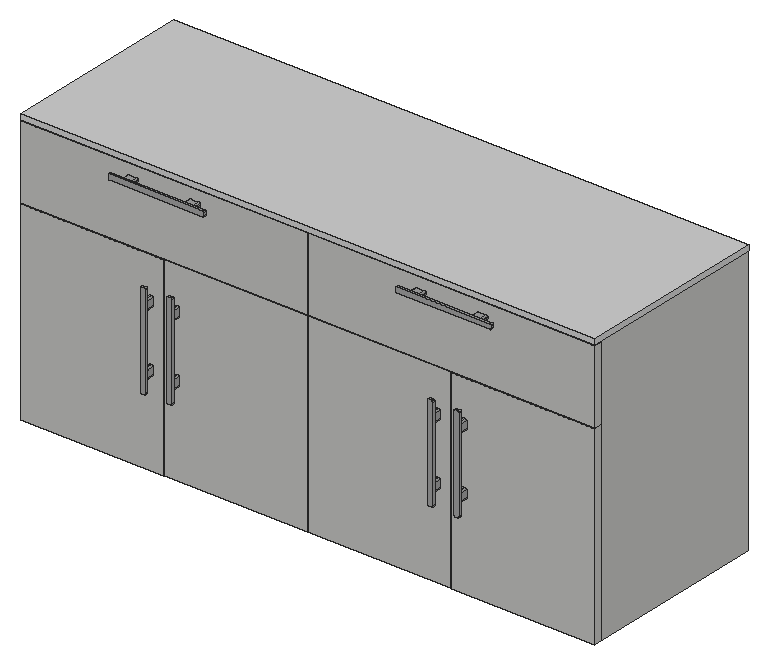
Revit family "Storage-Teknion-CWSD_Credenza_Drawer_and_Closed_Cabinet-R2020", category Furniture, Revit 2020
Family settings
  OmniClass Number = 23.40.20.00
  OmniClass Title = General Furniture and Specialties
  Work Plane-Based = No
  Always vertical = Yes
  Cut with Voids When Loaded = No
  Shared = Yes
  Room Calculation Point = No
Parameters (values of type "Has Grey Solid Surface Top")
  Width [instance] = 60.000"
  Warranty = "http://www.teknion.com/ca/papers/legal-canada"
  Unit Weight URL = "http://www.teknion.com/ca/tools/assets#&asset=bee6a381-b954-425e-8283-5a2de3a804f2,f828d448-4b62-4231-9e5f-9a8991c0ed77"
  URL = "www.teknion.com"
  Triple Bay [instance] = Width > 89.000"  # no
  Top Finish Note = "Choose either a Silver Grey or Elegant Grey Finish below"
  Top Finish = Wood - Teknion - MH - Silver Grey
  To render, please download texture images found here [instance] = "https://assets.teknion.com/web/5e81352c1dfdb467/revit-material-swatches/"
  Sustainability Data = "https://www.teknion.com/ca/tools/assets#&topic=216f99a5-57a0-44fc-b10a-9dee9b29ae4c&asset=444deb64-fe58-4b68-981e-f75e97781df7,b4ff2d81-9f2e-437d-9659-7cffb09c31cf"
  Solid Top Visibility = yes
  Series = "Custom Wood"
  Pull Finish = Paint - Teknion - Mica - Graphite
  Product Page URL = "https://www.teknion.com/ca/products/product-details?productLineId=f681026f-8e7a-673b-a6c8-ff05004460c4"
  Product Line = "C+D"
  Product Documentation Link = "https://assets.teknion.com/m/4a760d230ea90aca/original/C-D-Conference-Table-Sell-Sheet.pdf"
  Part Number = "CWSD"
  Model = "CWSD____"
  Manufacturer Phone = "416-661-3370"  # constant formula
  Manufacturer Fax = "416.661.4586"  # constant formula
  Manufacturer Contact Information = "http://www.teknion.com/ca/contactus"
  Manufacturer Address = "1150 Flint Road, Toronto, ON. M3J 2J5. Canada"  # constant formula
  Manufacturer = "Teknion"  # constant formula
  How To Use Teknion Materials User Guide [instance] = "https://assets.teknion.com/m/205dd0a49fa58060/original/How-to-add-a-Material-Library-and-Texture-Images-to-your-Revit-project.pdf"
  Height [instance] = 29.000"
  Glass Top Visibility = no
  For Additional Finishes, please visit [instance] = "https://assets.teknion.com/m/44a8009b046e5d47/original/Teknion_Materials_Library.zip"
  Double Bay [instance] = Width < 89.000"  # yes
  Description = "Custom Wood Credenza, 1/2\" Top, Drawer and Closed Cabinet, Has Grey Solid Surface Top"
  Depth [instance] = 20.000"
  Default Elevation = 0.000"
  Case, Back & Front Finish = Laminate - Teknion - RV - Very White
  Available Widths [instance] = "60, 72, 90, and 108 Inches"  # constant formula
  Available Heights [instance] = "29, 36 inches."  # constant formula
  Available Depths [instance] = "20, 24 inches."  # constant formula
  Assembly Code = "E2020200"
  Actual Height [instance] = if(Height = 29.000", 29.075", 35.834")  # 29.075"
Reference planes (in)
  plane 1 "Center Front/Back": y = 0
  plane 2: z = 0
  plane 3 "Center Left/Right": x = 0
  plane 4 "Left": x = -30
  plane 5 "Right": x = 30
  plane 6 "Back": y = 10
  plane 7 "Front": y = -10
  plane 8 "Top": z = 29.075
  plane 9 "Bottom of Cabinet": z = 0.5
  plane 10 "Bottom of Top Surface": z = 28.535
  plane 11 "Top of Drawers": z = 20.701
  plane 12: x = -10
  plane 13: x = 10
  plane 14: x = -15
  plane 15: x = 15
  plane 16: x = -20
  plane 17: x = 20
  plane 18: y = 7.27953
  plane 19: y = -9.19685
  plane 20: z = 28.915
Forms (in)
  Sweep 1, solid, material "Wood - Teknion - MH - Silver Grey" <- "Top Finish", visible <- "Solid Top Visibility"
    path origin (0, 0, 0) x (1, 0, 0) y (0, 0, 1)
      loop
        line (0, 28.535) -> (0, 29.075)
    profile origin (0, 0, 28.805) x (-1, 0, 0) y (0, -1, 0)
      loop
        line (30, -10) -> (30, 10) -> (-30, 10) -> (-30, -10) -> (30, -10)
  Sweep 2, solid, material "Laminate - Teknion - RV - Very White" <- "Case, Back & Front Finish"
    path origin (0, 0, 0) x (1, 0, 0) y (0, 0, 1)
      loop
        line (0, 0.5) -> (0, 28.535)
    profile origin (0, 0, 14.5175) x (-1, 0, 0) y (0, -1, 0)
      loop
        line (30, -10) -> (30, 9.19685) -> (29.27559, 9.19685) -> (29.27559, -10) -> (30, -10)
      loop
        line (-30, -10) -> (-29.27559, -10) -> (-29.27559, 9.19685) -> (-30, 9.19685) -> (-30, -10)
  Sweep 3, solid, material "Laminate - Teknion - RV - Very White" <- "Case, Back & Front Finish", visible <- "Double Bay"
    path origin (0, 0, 0) x (1, 0, 0) y (0, 1, 0)
      loop
        line (0, -10) -> (0, -9.27559)
    profile origin (0, -9.6378, 0) x (-1, 0, 0) y (0, 0, 1)
      loop
        line (30, 20.701) -> (15.03937, 20.701) -> (15.03937, 0.5) -> (30, 0.5) -> (30, 20.701)
      loop
        line (0, 0.5) -> (14.96063, 0.5) -> (14.96063, 20.701) -> (0, 20.701) -> (0, 0.5)
  Sweep 4, solid, material "Laminate - Teknion - RV - Very White" <- "Case, Back & Front Finish", visible <- "Double Bay"
    path origin (0, 0, 0) x (1, 0, 0) y (0, 0, 1)
      loop
        line (0, 0.5) -> (0, 27.81059)
    profile origin (0, 0, 14.1553) x (-1, 0, 0) y (0, -1, 0)
      loop
        line (29.27559, -8) -> (29.27559, -7.27953) -> (0, -7.27953) -> (0, -8) -> (29.27559, -8)
  Sweep 5, solid, material "Laminate - Teknion - RV - Very White" <- "Case, Back & Front Finish", visible <- "Double Bay"
    path origin (0, 0, 0) x (1, 0, 0) y (0, 0, 1)
      loop
        line (0, 0.5) -> (0, 27.81059)
    profile origin (0, 0, 14.1553) x (-1, 0, 0) y (0, -1, 0)
      loop
        line (0, -8) -> (0, -7.27953) -> (-29.27559, -7.27953) -> (-29.27559, -8) -> (0, -8)
  Sweep 6, solid, material "Laminate - Teknion - RV - Very White" <- "Case, Back & Front Finish", visible <- "Triple Bay"
    path origin (0, 0, 0) x (1, 0, 0) y (0, 0, 1)
      loop
        line (0, 0.5) -> (0, 27.81059)
    profile origin (0, 0, 14.1553) x (-1, 0, 0) y (0, -1, 0)
      loop
        line (29.27559, -8) -> (29.27559, -7.27953) -> (10, -7.27953) -> (10, -8) -> (29.27559, -8)
  Sweep 7, solid, material "Laminate - Teknion - RV - Very White" <- "Case, Back & Front Finish", visible <- "Triple Bay"
    path origin (0, 0, 0) x (1, 0, 0) y (0, 0, 1)
      loop
        line (0, 0.5) -> (0, 27.81059)
    profile origin (0, 0, 14.1553) x (-1, 0, 0) y (0, -1, 0)
      loop
        line (10, -8) -> (10, -7.27953) -> (-10, -7.27953) -> (-10, -8) -> (10, -8)
  Sweep 8, solid, material "Laminate - Teknion - RV - Very White" <- "Case, Back & Front Finish", visible <- "Triple Bay"
    path origin (0, 0, 0) x (1, 0, 0) y (0, 0, 1)
      loop
        line (0, 0.5) -> (0, 27.81059)
    profile origin (0, 0, 14.1553) x (-1, 0, 0) y (0, -1, 0)
      loop
        line (-10, -8) -> (-10, -7.27953) -> (-29.27559, -7.27953) -> (-29.27559, -8) -> (-10, -8)
  Sweep 9, solid, material "Laminate - Teknion - RV - Very White" <- "Case, Back & Front Finish", visible <- "Double Bay"
    path origin (0, 0, 0) x (1, 0, 0) y (0, 1, 0)
      loop
        line (0, -10) -> (0, -9.27559)
    profile origin (0, -9.6378, 0) x (-1, 0, 0) y (0, 0, 1)
      loop
        line (0, 20.701) -> (-14.96063, 20.701) -> (-14.96063, 0.5) -> (0, 0.5) -> (0, 20.701)
      loop
        line (-30, 0.5) -> (-15.03937, 0.5) -> (-15.03937, 20.701) -> (-30, 20.701) -> (-30, 0.5)
  Sweep 10, solid, material "Laminate - Teknion - RV - Very White" <- "Case, Back & Front Finish", visible <- "Triple Bay"
    path origin (0, 0, 0) x (1, 0, 0) y (0, 1, 0)
      loop
        line (0, -10) -> (0, -9.27559)
    profile origin (0, -9.6378, 0) x (-1, 0, 0) y (0, 0, 1)
      loop
        line (30, 20.701) -> (20.03937, 20.701) -> (20.03937, 0.5) -> (30, 0.5) -> (30, 20.701)
      loop
        line (10, 20.701) -> (10, 0.5) -> (19.96063, 0.5) -> (19.96063, 20.701) -> (10, 20.701)
  Sweep 11, solid, material "Laminate - Teknion - RV - Very White" <- "Case, Back & Front Finish", visible <- "Triple Bay"
    path origin (0, 0, 0) x (1, 0, 0) y (0, 1, 0)
      loop
        line (0, -10) -> (0, -9.27559)
    profile origin (0, -9.6378, 0) x (-1, 0, 0) y (0, 0, 1)
      loop
        line (0.03937, 20.701) -> (0.03937, 0.5) -> (10, 0.5) -> (10, 20.701) -> (0.03937, 20.701)
      loop
        line (-0.03937, 0.5) -> (-0.03937, 20.701) -> (-10, 20.701) -> (-10, 0.5) -> (-0.03937, 0.5)
  Sweep 12, solid, material "Laminate - Teknion - RV - Very White" <- "Case, Back & Front Finish", visible <- "Triple Bay"
    path origin (0, 0, 0) x (1, 0, 0) y (0, 1, 0)
      loop
        line (0, -10) -> (0, -9.27559)
    profile origin (0, -9.6378, 0) x (-1, 0, 0) y (0, 0, 1)
      loop
        line (-19.96063, 20.701) -> (-19.96063, 0.5) -> (-10, 0.5) -> (-10, 20.701) -> (-19.96063, 20.701)
      loop
        line (-20.03937, 0.5) -> (-20.03937, 20.701) -> (-30, 20.701) -> (-30, 0.5) -> (-20.03937, 0.5)
  Sweep 13, solid, material "Laminate - Teknion - RV - Very White" <- "Case, Back & Front Finish", visible <- "Double Bay"
    path origin (0, 0, 0) x (1, 0, 0) y (0, 1, 0)
      loop
        line (0, -9.19685) -> (0, 10)
    profile origin (0, 0.40157, 0) x (-1, 0, 0) y (0, 0, 1)
      loop
        line (29.27559, 28.535) -> (0, 28.535) -> (0, 27.81059) -> (29.27559, 27.81059) -> (29.27559, 28.535)
  Sweep 14, solid, material "Laminate - Teknion - RV - Very White" <- "Case, Back & Front Finish", visible <- "Double Bay"
    path origin (0, 0, 0) x (1, 0, 0) y (0, 1, 0)
      loop
        line (0, -9.19685) -> (0, 10)
    profile origin (0, 0.40157, 0) x (-1, 0, 0) y (0, 0, 1)
      loop
        line (0, 28.535) -> (-29.27559, 28.535) -> (-29.27559, 27.81059) -> (0, 27.81059) -> (0, 28.535)
  Sweep 15, solid, material "Laminate - Teknion - RV - Very White" <- "Case, Back & Front Finish", visible <- "Triple Bay"
    path origin (0, 0, 0) x (1, 0, 0) y (0, 1, 0)
      loop
        line (0, -9.19685) -> (0, 10)
    profile origin (0, 0.40157, 0) x (-1, 0, 0) y (0, 0, 1)
      loop
        line (10, 28.535) -> (10, 27.81059) -> (29.27559, 27.81059) -> (29.27559, 28.535) -> (10, 28.535)
      loop
        line (-10, 28.535) -> (-29.27559, 28.535) -> (-29.27559, 27.81059) -> (-10, 27.81059) -> (-10, 28.535)
  Sweep 16, solid, material "Laminate - Teknion - RV - Very White" <- "Case, Back & Front Finish", visible <- "Triple Bay"
    path origin (0, 0, 0) x (1, 0, 0) y (0, 1, 0)
      loop
        line (0, -9.19685) -> (0, 10)
    profile origin (0, 0.40157, 0) x (-1, 0, 0) y (0, 0, 1)
      loop
        line (10, 28.535) -> (-10, 28.535) -> (-10, 27.81059) -> (10, 27.81059) -> (10, 28.535)
  Sweep 17, solid, material "Laminate - Teknion - RV - Very White" <- "Case, Back & Front Finish", visible <- "Double Bay"
    path origin (0, 0, 0) x (1, 0, 0) y (0, 0, 1)
      loop
        line (0, 1.77559) -> (0, 2.5)
    profile origin (0, 0, 2.1378) x (-1, 0, 0) y (0, -1, 0)
      loop
        line (29.27559, -7.27953) -> (29.27559, 8.47244) -> (0.72441, 8.47244) -> (0.72441, -7.27953) -> (29.27559, -7.27953)
      loop
        line (-0.72441, -7.27953) -> (-0.72441, 8.47244) -> (-29.27559, 8.47244) -> (-29.27559, -7.27953) -> (-0.72441, -7.27953)
  Sweep 18, solid, material "Laminate - Teknion - RV - Very White" <- "Case, Back & Front Finish", visible <- "Triple Bay"
    path origin (0, 0, 0) x (1, 0, 0) y (0, 0, 1)
      loop
        line (0, 1.77559) -> (0, 2.5)
    profile origin (0, 0, 2.1378) x (-1, 0, 0) y (0, -1, 0)
      loop
        line (-9.27559, 8.47244) -> (-9.27559, -7.27953) -> (9.27559, -7.27953) -> (9.27559, 8.47244) -> (-9.27559, 8.47244)
      loop
        line (-10.72441, -7.27953) -> (-10.72441, 8.47244) -> (-29.27559, 8.47244) -> (-29.27559, -7.27953) -> (-10.72441, -7.27953)
      loop
        line (10.72441, 8.47244) -> (10.72441, -7.27953) -> (29.27559, -7.27953) -> (29.27559, 8.47244) -> (10.72441, 8.47244)
  Sweep 19, solid, material "Laminate - Teknion - RV - Very White" <- "Case, Back & Front Finish", visible <- "Double Bay"
    path origin (0, 0, 0) x (1, 0, 0) y (0, 1, 0)
      loop
        line (0, -9.19685) -> (0, -8.47244)
    profile origin (0, -8.83465, 0) x (-1, 0, 0) y (0, 0, 1)
      loop
        line (29.27559, 2.5) -> (0.72441, 2.5) -> (0.72441, 0.5) -> (29.27559, 0.5) -> (29.27559, 2.5)
      loop
        line (-0.72441, 2.5) -> (-29.27559, 2.5) -> (-29.27559, 0.5) -> (-0.72441, 0.5) -> (-0.72441, 2.5)
  Sweep 20, solid, material "Laminate - Teknion - RV - Very White" <- "Case, Back & Front Finish", visible <- "Triple Bay"
    path origin (0, 0, 0) x (1, 0, 0) y (0, 1, 0)
      loop
        line (0, -9.19685) -> (0, -8.47244)
    profile origin (0, -8.83465, 0) x (-1, 0, 0) y (0, 0, 1)
      loop
        line (-9.27559, 2.5) -> (-9.27559, 0.5) -> (9.27559, 0.5) -> (9.27559, 2.5) -> (-9.27559, 2.5)
      loop
        line (-10.72441, 2.5) -> (-29.27559, 2.5) -> (-29.27559, 0.5) -> (-10.72441, 0.5) -> (-10.72441, 2.5)
      loop
        line (10.72441, 2.5) -> (10.72441, 0.5) -> (29.27559, 0.5) -> (29.27559, 2.5) -> (10.72441, 2.5)
  Sweep 21, solid, material "Laminate - Teknion - RV - Very White" <- "Case, Back & Front Finish", visible <- "Double Bay"
    path origin (0, 0, 0) x (1, 0, 0) y (0, 1, 0)
      loop
        line (0, -9.19685) -> (0, 7.27953)
    profile origin (0, -0.95866, 0) x (-1, 0, 0) y (0, 0, 1)
      loop
        line (0.72441, 27.81059) -> (0, 27.81059) -> (0, 0.5) -> (0.72441, 0.5) -> (0.72441, 27.81059)
  Sweep 22, solid, material "Laminate - Teknion - RV - Very White" <- "Case, Back & Front Finish", visible <- "Double Bay"
    path origin (0, 0, 0) x (1, 0, 0) y (0, 1, 0)
      loop
        line (0, -9.19685) -> (0, 7.27953)
    profile origin (0, -0.95866, 0) x (-1, 0, 0) y (0, 0, 1)
      loop
        line (0, 0.5) -> (0, 27.81059) -> (-0.72441, 27.81059) -> (-0.72441, 0.5) -> (0, 0.5)
  Sweep 23, solid, material "Laminate - Teknion - RV - Very White" <- "Case, Back & Front Finish", visible <- "Triple Bay"
    path origin (0, 0, 0) x (1, 0, 0) y (0, 1, 0)
      loop
        line (0, -9.19685) -> (0, 7.27953)
    profile origin (0, -0.95866, 0) x (-1, 0, 0) y (0, 0, 1)
      loop
        line (10.72441, 27.81059) -> (10, 27.81059) -> (10, 0.5) -> (10.72441, 0.5) -> (10.72441, 27.81059)
      loop
        line (-10.72441, 27.81059) -> (-10.72441, 0.5) -> (-10, 0.5) -> (-10, 27.81059) -> (-10.72441, 27.81059)
  Sweep 24, solid, material "Laminate - Teknion - RV - Very White" <- "Case, Back & Front Finish", visible <- "Triple Bay"
    path origin (0, 0, 0) x (1, 0, 0) y (0, 1, 0)
      loop
        line (0, -9.19685) -> (0, 7.27953)
    profile origin (0, -0.95866, 0) x (-1, 0, 0) y (0, 0, 1)
      loop
        line (9.27559, 27.81059) -> (9.27559, 0.5) -> (10, 0.5) -> (10, 27.81059) -> (9.27559, 27.81059)
      loop
        line (-9.27559, 27.81059) -> (-10, 27.81059) -> (-10, 0.5) -> (-9.27559, 0.5) -> (-9.27559, 27.81059)
  Sweep 25, solid, material "Paint - Teknion - Foundation - Ebony"
    path origin (0, 0, 0) x (1, 0, 0) y (0, 0, 1)
      loop
        line (0, 0) -> (0, 1.77559)
    profile origin (0, 0, 0.8878) x (-1, 0, 0) y (0, -1, 0)
      loop
        circle (28.2795, -6.25023) r 0.5
      loop
        circle (28.2795, 7.4475) r 0.5
      loop
        circle (-28.2795, -6.25023) r 0.5
      loop
        circle (-28.2795, 7.4475) r 0.5
  Sweep 26, solid, material "Paint - Teknion - Foundation - Ebony", visible <- "Double Bay"
    path origin (0, 0, 0) x (1, 0, 0) y (0, 0, 1)
      loop
        line (0, 0) -> (0, 1.77559)
    profile origin (0, 0, 0.8878) x (-1, 0, 0) y (0, -1, 0)
      loop
        circle (1.7205, -6.25023) r 0.5
      loop
        circle (-1.7205, -6.25023) r 0.5
      loop
        circle (1.7205, 7.4475) r 0.5
      loop
        circle (-1.7205, 7.4475) r 0.5
  Sweep 27, solid, material "Paint - Teknion - Foundation - Ebony", visible <- "Triple Bay"
    path origin (0, 0, 0) x (1, 0, 0) y (0, 0, 1)
      loop
        line (0, 0) -> (0, 1.77559)
    profile origin (0, 0, 0.8878) x (-1, 0, 0) y (0, -1, 0)
      loop
        circle (11.7205, -6.25023) r 0.5
      loop
        circle (11.7205, 7.4475) r 0.5
      loop
        circle (8.2795, -6.25023) r 0.5
      loop
        circle (8.2795, 7.4475) r 0.5
      loop
        circle (-8.2795, -6.25023) r 0.5
      loop
        circle (-8.2795, 7.4475) r 0.5
      loop
        circle (-11.7205, -6.25023) r 0.5
      loop
        circle (-11.7205, 7.4475) r 0.5
  Sweep 28, solid, material "Paint - Teknion - Mica - Graphite" <- "Pull Finish", visible <- "Double Bay"
    path origin (0, 0, 0) x (1, 0, 0) y (0, 1, 0)
      loop
        line (0, -11.00394) -> (0, -10.81363)
    profile origin (0, -10.90878, 0) x (-1, 0, 0) y (0, 0, 1)
      loop
        line (13.75984, 18.10257) -> (13.48425, 18.10257)
        arc (13.48425, 18.10257) -> (13.38682, 18.06222) -> (13.34646, 17.96478) r 0.1378
        line (13.34646, 17.96478) -> (13.34646, 8.24037)
        arc (13.34646, 8.24037) -> (13.38682, 8.14293) -> (13.48425, 8.10257) r 0.1378
        line (13.48425, 8.10257) -> (13.75984, 8.10257)
        arc (13.75984, 8.10257) -> (13.85728, 8.14293) -> (13.89764, 8.24037) r 0.1378
        line (13.89764, 8.24037) -> (13.89764, 17.96478)
        arc (13.89764, 17.96478) -> (13.85728, 18.06222) -> (13.75984, 18.10257) r 0.1378
      loop
        line (16.24016, 8.10257) -> (16.51575, 8.10257)
        arc (16.51575, 8.10257) -> (16.61318, 8.14293) -> (16.65354, 8.24037) r 0.1378
        line (16.65354, 8.24037) -> (16.65354, 17.96478)
        arc (16.65354, 17.96478) -> (16.61318, 18.06222) -> (16.51575, 18.10257) r 0.1378
        line (16.51575, 18.10257) -> (16.24016, 18.10257)
        arc (16.24016, 18.10257) -> (16.14272, 18.06222) -> (16.10236, 17.96478) r 0.1378
        line (16.10236, 17.96478) -> (16.10236, 8.24037)
        arc (16.10236, 8.24037) -> (16.14272, 8.14293) -> (16.24016, 8.10257) r 0.1378
      loop
        arc (-13.75984, 18.10257) -> (-13.85728, 18.06222) -> (-13.89764, 17.96478) r 0.1378
        line (-13.89764, 17.96478) -> (-13.89764, 8.24037)
        arc (-13.89764, 8.24037) -> (-13.85728, 8.14293) -> (-13.75984, 8.10257) r 0.1378
        line (-13.75984, 8.10257) -> (-13.48425, 8.10257)
        arc (-13.48425, 8.10257) -> (-13.38682, 8.14293) -> (-13.34646, 8.24037) r 0.1378
        line (-13.34646, 8.24037) -> (-13.34646, 17.96478)
        arc (-13.34646, 17.96478) -> (-13.38682, 18.06222) -> (-13.48425, 18.10257) r 0.1378
        line (-13.48425, 18.10257) -> (-13.75984, 18.10257)
      loop
        arc (-16.24016, 8.10257) -> (-16.14272, 8.14293) -> (-16.10236, 8.24037) r 0.1378
        line (-16.10236, 8.24037) -> (-16.10236, 17.96478)
        arc (-16.10236, 17.96478) -> (-16.14272, 18.06222) -> (-16.24016, 18.10257) r 0.1378
        line (-16.24016, 18.10257) -> (-16.51575, 18.10257)
        arc (-16.51575, 18.10257) -> (-16.61318, 18.06222) -> (-16.65354, 17.96478) r 0.1378
        line (-16.65354, 17.96478) -> (-16.65354, 8.24037)
        arc (-16.65354, 8.24037) -> (-16.61318, 8.14293) -> (-16.51575, 8.10257) r 0.1378
        line (-16.51575, 8.10257) -> (-16.24016, 8.10257)
  Sweep 29, solid, material "Paint - Teknion - Mica - Graphite" <- "Pull Finish", visible <- "Double Bay"
    path origin (0, 0, 0) x (1, 0, 0) y (0, 1, 0)
      loop
        line (0, -10.81363) -> (0, -10)
    profile origin (0, -10.40682, 0) x (-1, 0, 0) y (0, 0, 1)
      loop
        line (16.43701, 16.86773) -> (16.3189, 16.86773)
        arc (16.3189, 16.86773) -> (16.2177, 16.82582) -> (16.17579, 16.72462) r 0.14311
        line (16.17579, 16.72462) -> (16.17579, 15.93722)
        arc (16.17579, 15.93722) -> (16.2177, 15.83603) -> (16.3189, 15.79411) r 0.14311
        line (16.3189, 15.79411) -> (16.43701, 15.79411)
        arc (16.43701, 15.79411) -> (16.5382, 15.83603) -> (16.58012, 15.93722) r 0.14311
        line (16.58012, 15.93722) -> (16.58012, 16.72462)
        arc (16.58012, 16.72462) -> (16.5382, 16.82582) -> (16.43701, 16.86773) r 0.14311
      loop
        arc (13.56299, 16.86773) -> (13.4618, 16.82582) -> (13.41988, 16.72462) r 0.14311
        line (13.41988, 16.72462) -> (13.41988, 15.93722)
        arc (13.41988, 15.93722) -> (13.4618, 15.83603) -> (13.56299, 15.79411) r 0.14311
        line (13.56299, 15.79411) -> (13.6811, 15.79411)
        arc (13.6811, 15.79411) -> (13.7823, 15.83603) -> (13.82421, 15.93722) r 0.14311
        line (13.82421, 15.93722) -> (13.82421, 16.72462)
        arc (13.82421, 16.72462) -> (13.7823, 16.82582) -> (13.6811, 16.86773) r 0.14311
        line (13.6811, 16.86773) -> (13.56299, 16.86773)
      loop
        line (16.43701, 10.41073) -> (16.3189, 10.41073)
        arc (16.3189, 10.41073) -> (16.2177, 10.36881) -> (16.17579, 10.26762) r 0.14311
        line (16.17579, 10.26762) -> (16.17579, 9.48021)
        arc (16.17579, 9.48021) -> (16.2177, 9.37902) -> (16.3189, 9.3371) r 0.14311
        line (16.3189, 9.3371) -> (16.43701, 9.3371)
        arc (16.43701, 9.3371) -> (16.5382, 9.37902) -> (16.58012, 9.48021) r 0.14311
        line (16.58012, 9.48021) -> (16.58012, 10.26762)
        arc (16.58012, 10.26762) -> (16.5382, 10.36881) -> (16.43701, 10.41073) r 0.14311
      loop
        arc (13.56299, 10.41073) -> (13.4618, 10.36881) -> (13.41988, 10.26762) r 0.14311
        line (13.41988, 10.26762) -> (13.41988, 9.48021)
        arc (13.41988, 9.48021) -> (13.4618, 9.37902) -> (13.56299, 9.3371) r 0.14311
        line (13.56299, 9.3371) -> (13.6811, 9.3371)
        arc (13.6811, 9.3371) -> (13.7823, 9.37902) -> (13.82421, 9.48021) r 0.14311
        line (13.82421, 9.48021) -> (13.82421, 10.26762)
        arc (13.82421, 10.26762) -> (13.7823, 10.36881) -> (13.6811, 10.41073) r 0.14311
        line (13.6811, 10.41073) -> (13.56299, 10.41073)
      loop
        arc (-16.43701, 16.86773) -> (-16.5382, 16.82582) -> (-16.58012, 16.72462) r 0.14311
        line (-16.58012, 16.72462) -> (-16.58012, 15.93722)
        arc (-16.58012, 15.93722) -> (-16.5382, 15.83603) -> (-16.43701, 15.79411) r 0.14311
        line (-16.43701, 15.79411) -> (-16.3189, 15.79411)
        arc (-16.3189, 15.79411) -> (-16.2177, 15.83603) -> (-16.17579, 15.93722) r 0.14311
        line (-16.17579, 15.93722) -> (-16.17579, 16.72462)
        arc (-16.17579, 16.72462) -> (-16.2177, 16.82582) -> (-16.3189, 16.86773) r 0.14311
        line (-16.3189, 16.86773) -> (-16.43701, 16.86773)
      loop
        line (-13.56299, 16.86773) -> (-13.6811, 16.86773)
        arc (-13.6811, 16.86773) -> (-13.7823, 16.82582) -> (-13.82421, 16.72462) r 0.14311
        line (-13.82421, 16.72462) -> (-13.82421, 15.93722)
        arc (-13.82421, 15.93722) -> (-13.7823, 15.83603) -> (-13.6811, 15.79411) r 0.14311
        line (-13.6811, 15.79411) -> (-13.56299, 15.79411)
        arc (-13.56299, 15.79411) -> (-13.4618, 15.83603) -> (-13.41988, 15.93722) r 0.14311
        line (-13.41988, 15.93722) -> (-13.41988, 16.72462)
        arc (-13.41988, 16.72462) -> (-13.4618, 16.82582) -> (-13.56299, 16.86773) r 0.14311
      loop
        arc (-16.43701, 10.41073) -> (-16.5382, 10.36881) -> (-16.58012, 10.26762) r 0.14311
        line (-16.58012, 10.26762) -> (-16.58012, 9.48021)
        arc (-16.58012, 9.48021) -> (-16.5382, 9.37902) -> (-16.43701, 9.3371) r 0.14311
        line (-16.43701, 9.3371) -> (-16.3189, 9.3371)
        arc (-16.3189, 9.3371) -> (-16.2177, 9.37902) -> (-16.17579, 9.48021) r 0.14311
        line (-16.17579, 9.48021) -> (-16.17579, 10.26762)
        arc (-16.17579, 10.26762) -> (-16.2177, 10.36881) -> (-16.3189, 10.41073) r 0.14311
        line (-16.3189, 10.41073) -> (-16.43701, 10.41073)
      loop
        line (-13.56299, 10.41073) -> (-13.6811, 10.41073)
        arc (-13.6811, 10.41073) -> (-13.7823, 10.36881) -> (-13.82421, 10.26762) r 0.14311
        line (-13.82421, 10.26762) -> (-13.82421, 9.48021)
        arc (-13.82421, 9.48021) -> (-13.7823, 9.37902) -> (-13.6811, 9.3371) r 0.14311
        line (-13.6811, 9.3371) -> (-13.56299, 9.3371)
        arc (-13.56299, 9.3371) -> (-13.4618, 9.37902) -> (-13.41988, 9.48021) r 0.14311
        line (-13.41988, 9.48021) -> (-13.41988, 10.26762)
        arc (-13.41988, 10.26762) -> (-13.4618, 10.36881) -> (-13.56299, 10.41073) r 0.14311
  Sweep 30, solid, material "Paint - Teknion - Mica - Graphite" <- "Pull Finish", visible <- "Triple Bay"
    path origin (0, 0, 0) x (1, 0, 0) y (0, 1, 0)
      loop
        line (0, -11.00394) -> (0, -10.81363)
    profile origin (0, -10.90878, 0) x (-1, 0, 0) y (0, 0, 1)
      loop
        line (21.51665, 18.10257) -> (21.24106, 18.10257)
        arc (21.24106, 18.10257) -> (21.14363, 18.06222) -> (21.10327, 17.96478) r 0.1378
        line (21.10327, 17.96478) -> (21.10327, 8.24037)
        arc (21.10327, 8.24037) -> (21.14363, 8.14293) -> (21.24106, 8.10257) r 0.1378
        line (21.24106, 8.10257) -> (21.51665, 8.10257)
        arc (21.51665, 8.10257) -> (21.61409, 8.14293) -> (21.65445, 8.24037) r 0.1378
        line (21.65445, 8.24037) -> (21.65445, 17.96478)
        arc (21.65445, 17.96478) -> (21.61409, 18.06222) -> (21.51665, 18.10257) r 0.1378
      loop
        line (18.4853, 8.10257) -> (18.76089, 8.10257)
        arc (18.76089, 8.10257) -> (18.85833, 8.14293) -> (18.89869, 8.24037) r 0.1378
        line (18.89869, 8.24037) -> (18.89869, 17.96478)
        arc (18.89869, 17.96478) -> (18.85833, 18.06222) -> (18.76089, 18.10257) r 0.1378
        line (18.76089, 18.10257) -> (18.4853, 18.10257)
        arc (18.4853, 18.10257) -> (18.38786, 18.06222) -> (18.3475, 17.96478) r 0.1378
        line (18.3475, 17.96478) -> (18.3475, 8.24037)
        arc (18.3475, 8.24037) -> (18.38786, 8.14293) -> (18.4853, 8.10257) r 0.1378
      loop
        arc (-21.51665, 18.10257) -> (-21.61409, 18.06222) -> (-21.65445, 17.96478) r 0.1378
        line (-21.65445, 17.96478) -> (-21.65445, 8.24037)
        arc (-21.65445, 8.24037) -> (-21.61409, 8.14293) -> (-21.51665, 8.10257) r 0.1378
        line (-21.51665, 8.10257) -> (-21.24106, 8.10257)
        arc (-21.24106, 8.10257) -> (-21.14363, 8.14293) -> (-21.10327, 8.24037) r 0.1378
        line (-21.10327, 8.24037) -> (-21.10327, 17.96478)
        arc (-21.10327, 17.96478) -> (-21.14363, 18.06222) -> (-21.24106, 18.10257) r 0.1378
        line (-21.24106, 18.10257) -> (-21.51665, 18.10257)
      loop
        arc (-18.4853, 8.10257) -> (-18.38786, 8.14293) -> (-18.3475, 8.24037) r 0.1378
        line (-18.3475, 8.24037) -> (-18.3475, 17.96478)
        arc (-18.3475, 17.96478) -> (-18.38786, 18.06222) -> (-18.4853, 18.10257) r 0.1378
        line (-18.4853, 18.10257) -> (-18.76089, 18.10257)
        arc (-18.76089, 18.10257) -> (-18.85833, 18.06222) -> (-18.89869, 17.96478) r 0.1378
        line (-18.89869, 17.96478) -> (-18.89869, 8.24037)
        arc (-18.89869, 8.24037) -> (-18.85833, 8.14293) -> (-18.76089, 8.10257) r 0.1378
        line (-18.76089, 8.10257) -> (-18.4853, 8.10257)
      loop
        line (1.51665, 18.10257) -> (1.24106, 18.10257)
        arc (1.24106, 18.10257) -> (1.14363, 18.06222) -> (1.10327, 17.96478) r 0.1378
        line (1.10327, 17.96478) -> (1.10327, 8.24037)
        arc (1.10327, 8.24037) -> (1.14363, 8.14293) -> (1.24106, 8.10257) r 0.1378
        line (1.24106, 8.10257) -> (1.51665, 8.10257)
        arc (1.51665, 8.10257) -> (1.61409, 8.14293) -> (1.65445, 8.24037) r 0.1378
        line (1.65445, 8.24037) -> (1.65445, 17.96478)
        arc (1.65445, 17.96478) -> (1.61409, 18.06222) -> (1.51665, 18.10257) r 0.1378
      loop
        line (-1.5147, 8.10257) -> (-1.23911, 8.10257)
        arc (-1.23911, 8.10257) -> (-1.14167, 8.14293) -> (-1.10131, 8.24037) r 0.1378
        line (-1.10131, 8.24037) -> (-1.10131, 17.96478)
        arc (-1.10131, 17.96478) -> (-1.14167, 18.06222) -> (-1.23911, 18.10257) r 0.1378
        line (-1.23911, 18.10257) -> (-1.5147, 18.10257)
        arc (-1.5147, 18.10257) -> (-1.61214, 18.06222) -> (-1.6525, 17.96478) r 0.1378
        line (-1.6525, 17.96478) -> (-1.6525, 8.24037)
        arc (-1.6525, 8.24037) -> (-1.61214, 8.14293) -> (-1.5147, 8.10257) r 0.1378
  Sweep 31, solid, material "Paint - Teknion - Mica - Graphite" <- "Pull Finish", visible <- "Triple Bay"
    path origin (0, 0, 0) x (1, 0, 0) y (0, 1, 0)
      loop
        line (0, -10.81363) -> (0, -10)
    profile origin (0, -10.40682, 0) x (-1, 0, 0) y (0, 0, 1)
      loop
        line (18.68215, 16.86773) -> (18.56404, 16.86773)
        arc (18.56404, 16.86773) -> (18.46285, 16.82582) -> (18.42093, 16.72462) r 0.14311
        line (18.42093, 16.72462) -> (18.42093, 15.93722)
        arc (18.42093, 15.93722) -> (18.46285, 15.83603) -> (18.56404, 15.79411) r 0.14311
        line (18.56404, 15.79411) -> (18.68215, 15.79411)
        arc (18.68215, 15.79411) -> (18.78334, 15.83603) -> (18.82526, 15.93722) r 0.14311
        line (18.82526, 15.93722) -> (18.82526, 16.72462)
        arc (18.82526, 16.72462) -> (18.78334, 16.82582) -> (18.68215, 16.86773) r 0.14311
      loop
        arc (21.31995, 16.86773) -> (21.21875, 16.82582) -> (21.17683, 16.72462) r 0.14311
        line (21.17683, 16.72462) -> (21.17683, 15.93722)
        arc (21.17683, 15.93722) -> (21.21875, 15.83603) -> (21.31995, 15.79411) r 0.14311
        line (21.31995, 15.79411) -> (21.43806, 15.79411)
        arc (21.43806, 15.79411) -> (21.53925, 15.83603) -> (21.58117, 15.93722) r 0.14311
        line (21.58117, 15.93722) -> (21.58117, 16.72462)
        arc (21.58117, 16.72462) -> (21.53925, 16.82582) -> (21.43806, 16.86773) r 0.14311
        line (21.43806, 16.86773) -> (21.31995, 16.86773)
      loop
        line (18.68215, 10.41073) -> (18.56404, 10.41073)
        arc (18.56404, 10.41073) -> (18.46285, 10.36881) -> (18.42093, 10.26762) r 0.14311
        line (18.42093, 10.26762) -> (18.42093, 9.48021)
        arc (18.42093, 9.48021) -> (18.46285, 9.37902) -> (18.56404, 9.3371) r 0.14311
        line (18.56404, 9.3371) -> (18.68215, 9.3371)
        arc (18.68215, 9.3371) -> (18.78334, 9.37902) -> (18.82526, 9.48021) r 0.14311
        line (18.82526, 9.48021) -> (18.82526, 10.26762)
        arc (18.82526, 10.26762) -> (18.78334, 10.36881) -> (18.68215, 10.41073) r 0.14311
      loop
        arc (21.31995, 10.41073) -> (21.21875, 10.36881) -> (21.17683, 10.26762) r 0.14311
        line (21.17683, 10.26762) -> (21.17683, 9.48021)
        arc (21.17683, 9.48021) -> (21.21875, 9.37902) -> (21.31995, 9.3371) r 0.14311
        line (21.31995, 9.3371) -> (21.43806, 9.3371)
        arc (21.43806, 9.3371) -> (21.53925, 9.37902) -> (21.58117, 9.48021) r 0.14311
        line (21.58117, 9.48021) -> (21.58117, 10.26762)
        arc (21.58117, 10.26762) -> (21.53925, 10.36881) -> (21.43806, 10.41073) r 0.14311
        line (21.43806, 10.41073) -> (21.31995, 10.41073)
      loop
        arc (-18.68215, 16.86773) -> (-18.78334, 16.82582) -> (-18.82526, 16.72462) r 0.14311
        line (-18.82526, 16.72462) -> (-18.82526, 15.93722)
        arc (-18.82526, 15.93722) -> (-18.78334, 15.83603) -> (-18.68215, 15.79411) r 0.14311
        line (-18.68215, 15.79411) -> (-18.56404, 15.79411)
        arc (-18.56404, 15.79411) -> (-18.46285, 15.83603) -> (-18.42093, 15.93722) r 0.14311
        line (-18.42093, 15.93722) -> (-18.42093, 16.72462)
        arc (-18.42093, 16.72462) -> (-18.46285, 16.82582) -> (-18.56404, 16.86773) r 0.14311
        line (-18.56404, 16.86773) -> (-18.68215, 16.86773)
      loop
        line (-21.31995, 16.86773) -> (-21.43806, 16.86773)
        arc (-21.43806, 16.86773) -> (-21.53925, 16.82582) -> (-21.58117, 16.72462) r 0.14311
        line (-21.58117, 16.72462) -> (-21.58117, 15.93722)
        arc (-21.58117, 15.93722) -> (-21.53925, 15.83603) -> (-21.43806, 15.79411) r 0.14311
        line (-21.43806, 15.79411) -> (-21.31995, 15.79411)
        arc (-21.31995, 15.79411) -> (-21.21875, 15.83603) -> (-21.17683, 15.93722) r 0.14311
        line (-21.17683, 15.93722) -> (-21.17683, 16.72462)
        arc (-21.17683, 16.72462) -> (-21.21875, 16.82582) -> (-21.31995, 16.86773) r 0.14311
      loop
        arc (-18.68215, 10.41073) -> (-18.78334, 10.36881) -> (-18.82526, 10.26762) r 0.14311
        line (-18.82526, 10.26762) -> (-18.82526, 9.48021)
        arc (-18.82526, 9.48021) -> (-18.78334, 9.37902) -> (-18.68215, 9.3371) r 0.14311
        line (-18.68215, 9.3371) -> (-18.56404, 9.3371)
        arc (-18.56404, 9.3371) -> (-18.46285, 9.37902) -> (-18.42093, 9.48021) r 0.14311
        line (-18.42093, 9.48021) -> (-18.42093, 10.26762)
        arc (-18.42093, 10.26762) -> (-18.46285, 10.36881) -> (-18.56404, 10.41073) r 0.14311
        line (-18.56404, 10.41073) -> (-18.68215, 10.41073)
      loop
        line (-21.31995, 10.41073) -> (-21.43806, 10.41073)
        arc (-21.43806, 10.41073) -> (-21.53925, 10.36881) -> (-21.58117, 10.26762) r 0.14311
        line (-21.58117, 10.26762) -> (-21.58117, 9.48021)
        arc (-21.58117, 9.48021) -> (-21.53925, 9.37902) -> (-21.43806, 9.3371) r 0.14311
        line (-21.43806, 9.3371) -> (-21.31995, 9.3371)
        arc (-21.31995, 9.3371) -> (-21.21875, 9.37902) -> (-21.17683, 9.48021) r 0.14311
        line (-21.17683, 9.48021) -> (-21.17683, 10.26762)
        arc (-21.17683, 10.26762) -> (-21.21875, 10.36881) -> (-21.31995, 10.41073) r 0.14311
      loop
        line (-1.3189, 16.86773) -> (-1.43701, 16.86773)
        arc (-1.43701, 16.86773) -> (-1.5382, 16.82582) -> (-1.58012, 16.72462) r 0.14311
        line (-1.58012, 16.72462) -> (-1.58012, 15.93722)
        arc (-1.58012, 15.93722) -> (-1.5382, 15.83603) -> (-1.43701, 15.79411) r 0.14311
        line (-1.43701, 15.79411) -> (-1.3189, 15.79411)
        arc (-1.3189, 15.79411) -> (-1.2177, 15.83603) -> (-1.17579, 15.93722) r 0.14311
        line (-1.17579, 15.93722) -> (-1.17579, 16.72462)
        arc (-1.17579, 16.72462) -> (-1.2177, 16.82582) -> (-1.3189, 16.86773) r 0.14311
      loop
        arc (1.3189, 16.86773) -> (1.2177, 16.82582) -> (1.17579, 16.72462) r 0.14311
        line (1.17579, 16.72462) -> (1.17579, 15.93722)
        arc (1.17579, 15.93722) -> (1.2177, 15.83603) -> (1.3189, 15.79411) r 0.14311
        line (1.3189, 15.79411) -> (1.43701, 15.79411)
        arc (1.43701, 15.79411) -> (1.5382, 15.83603) -> (1.58012, 15.93722) r 0.14311
        line (1.58012, 15.93722) -> (1.58012, 16.72462)
        arc (1.58012, 16.72462) -> (1.5382, 16.82582) -> (1.43701, 16.86773) r 0.14311
        line (1.43701, 16.86773) -> (1.3189, 16.86773)
      loop
        line (-1.3189, 10.41073) -> (-1.43701, 10.41073)
        arc (-1.43701, 10.41073) -> (-1.5382, 10.36881) -> (-1.58012, 10.26762) r 0.14311
        line (-1.58012, 10.26762) -> (-1.58012, 9.48021)
        arc (-1.58012, 9.48021) -> (-1.5382, 9.37902) -> (-1.43701, 9.3371) r 0.14311
        line (-1.43701, 9.3371) -> (-1.3189, 9.3371)
        arc (-1.3189, 9.3371) -> (-1.2177, 9.37902) -> (-1.17579, 9.48021) r 0.14311
        line (-1.17579, 9.48021) -> (-1.17579, 10.26762)
        arc (-1.17579, 10.26762) -> (-1.2177, 10.36881) -> (-1.3189, 10.41073) r 0.14311
      loop
        arc (1.3189, 10.41073) -> (1.2177, 10.36881) -> (1.17579, 10.26762) r 0.14311
        line (1.17579, 10.26762) -> (1.17579, 9.48021)
        arc (1.17579, 9.48021) -> (1.2177, 9.37902) -> (1.3189, 9.3371) r 0.14311
        line (1.3189, 9.3371) -> (1.43701, 9.3371)
        arc (1.43701, 9.3371) -> (1.5382, 9.37902) -> (1.58012, 9.48021) r 0.14311
        line (1.58012, 9.48021) -> (1.58012, 10.26762)
        arc (1.58012, 10.26762) -> (1.5382, 10.36881) -> (1.43701, 10.41073) r 0.14311
        line (1.43701, 10.41073) -> (1.3189, 10.41073)
  Sweep 32, solid, material "Laminate - Teknion - RV - Very White" <- "Case, Back & Front Finish", visible <- "Double Bay"
    path origin (0, 0, 0) x (1, 0, 0) y (0, 1, 0)
      loop
        line (0, -10) -> (0, -9.27559)
    profile origin (0, -9.6378, 0) x (-1, 0, 0) y (0, 0, 1)
      loop
        line (30, 28.45626) -> (0, 28.45626) -> (0, 20.77974) -> (30, 20.77974) -> (30, 28.45626)
  Sweep 33, solid, material "Laminate - Teknion - RV - Very White" <- "Case, Back & Front Finish", visible <- "Double Bay"
    path origin (0, 0, 0) x (1, 0, 0) y (0, 1, 0)
      loop
        line (0, -10) -> (0, -9.27559)
    profile origin (0, -9.6378, 0) x (-1, 0, 0) y (0, 0, 1)
      loop
        line (0, 28.45626) -> (-30, 28.45626) -> (-30, 20.77974) -> (0, 20.77974) -> (0, 28.45626)
  Sweep 34, solid, material "Laminate - Teknion - RV - Very White" <- "Case, Back & Front Finish", visible <- "Triple Bay"
    path origin (0, 0, 0) x (1, 0, 0) y (0, 1, 0)
      loop
        line (0, -10) -> (0, -9.27559)
    profile origin (0, -9.6378, 0) x (-1, 0, 0) y (0, 0, 1)
      loop
        line (30, 28.45626) -> (10, 28.45626) -> (10, 20.77974) -> (30, 20.77974) -> (30, 28.45626)
      loop
        line (-10, 28.45626) -> (-30, 28.45626) -> (-30, 20.77974) -> (-10, 20.77974) -> (-10, 28.45626)
  Sweep 35, solid, material "Laminate - Teknion - RV - Very White" <- "Case, Back & Front Finish", visible <- "Triple Bay"
    path origin (0, 0, 0) x (1, 0, 0) y (0, 1, 0)
      loop
        line (0, -10) -> (0, -9.27559)
    profile origin (0, -9.6378, 0) x (-1, 0, 0) y (0, 0, 1)
      loop
        line (10, 28.45626) -> (-10, 28.45626) -> (-10, 20.77974) -> (10, 20.77974) -> (10, 28.45626)
  Sweep 36, solid, material "Paint - Teknion - Mica - Graphite" <- "Pull Finish", visible <- "Double Bay"
    path origin (0, 0, 0) x (1, 0, 0) y (0, 1, 0)
      loop
        line (0, -11.00394) -> (0, -10.81363)
    profile origin (0, -10.90878, 0) x (-1, 0, 0) y (0, 0, 1)
      loop
        arc (10.1378, 27.43264) -> (10.04036, 27.39228) -> (10, 27.29484) r 0.1378
        line (10, 27.29484) -> (10, 27.01925)
        arc (10, 27.01925) -> (10.04036, 26.92182) -> (10.1378, 26.88146) r 0.1378
        line (10.1378, 26.88146) -> (19.8622, 26.88146)
        arc (19.8622, 26.88146) -> (19.95964, 26.92182) -> (20, 27.01925) r 0.1378
        line (20, 27.01925) -> (20, 27.29484)
        arc (20, 27.29484) -> (19.95964, 27.39228) -> (19.8622, 27.43264) r 0.1378
        line (19.8622, 27.43264) -> (10.1378, 27.43264)
      loop
        line (-10.1378, 27.43264) -> (-19.8622, 27.43264)
        arc (-19.8622, 27.43264) -> (-19.95964, 27.39228) -> (-20, 27.29484) r 0.1378
        line (-20, 27.29484) -> (-20, 27.01925)
        arc (-20, 27.01925) -> (-19.95964, 26.92182) -> (-19.8622, 26.88146) r 0.1378
        line (-19.8622, 26.88146) -> (-10.1378, 26.88146)
        arc (-10.1378, 26.88146) -> (-10.04036, 26.92182) -> (-10, 27.01925) r 0.1378
        line (-10, 27.01925) -> (-10, 27.29484)
        arc (-10, 27.29484) -> (-10.04036, 27.39228) -> (-10.1378, 27.43264) r 0.1378
  Sweep 37, solid, material "Paint - Teknion - Mica - Graphite" <- "Pull Finish", visible <- "Triple Bay"
    path origin (0, 0, 0) x (1, 0, 0) y (0, 1, 0)
      loop
        line (0, -11.00394) -> (0, -10.81363)
    profile origin (0, -10.90878, 0) x (-1, 0, 0) y (0, 0, 1)
      loop
        arc (-24.8622, 27.43264) -> (-24.95964, 27.39228) -> (-25, 27.29484) r 0.1378
        line (-25, 27.29484) -> (-25, 27.01925)
        arc (-25, 27.01925) -> (-24.95964, 26.92182) -> (-24.8622, 26.88146) r 0.1378
        line (-24.8622, 26.88146) -> (-15.1378, 26.88146)
        arc (-15.1378, 26.88146) -> (-15.04036, 26.92182) -> (-15, 27.01925) r 0.1378
        line (-15, 27.01925) -> (-15, 27.29484)
        arc (-15, 27.29484) -> (-15.04036, 27.39228) -> (-15.1378, 27.43264) r 0.1378
        line (-15.1378, 27.43264) -> (-24.8622, 27.43264)
      loop
        arc (-4.8622, 27.43264) -> (-4.95964, 27.39228) -> (-5, 27.29484) r 0.1378
        line (-5, 27.29484) -> (-5, 27.01925)
        arc (-5, 27.01925) -> (-4.95964, 26.92182) -> (-4.8622, 26.88146) r 0.1378
        line (-4.8622, 26.88146) -> (4.8622, 26.88146)
        arc (4.8622, 26.88146) -> (4.95964, 26.92182) -> (5, 27.01925) r 0.1378
        line (5, 27.01925) -> (5, 27.29484)
        arc (5, 27.29484) -> (4.95964, 27.39228) -> (4.8622, 27.43264) r 0.1378
        line (4.8622, 27.43264) -> (-4.8622, 27.43264)
      loop
        arc (15.1378, 27.43264) -> (15.04036, 27.39228) -> (15, 27.29484) r 0.1378
        line (15, 27.29484) -> (15, 27.01925)
        arc (15, 27.01925) -> (15.04036, 26.92182) -> (15.1378, 26.88146) r 0.1378
        line (15.1378, 26.88146) -> (24.8622, 26.88146)
        arc (24.8622, 26.88146) -> (24.95964, 26.92182) -> (25, 27.01925) r 0.1378
        line (25, 27.01925) -> (25, 27.29484)
        arc (25, 27.29484) -> (24.95964, 27.39228) -> (24.8622, 27.43264) r 0.1378
        line (24.8622, 27.43264) -> (15.1378, 27.43264)
  Sweep 38, solid, material "Paint - Teknion - Mica - Graphite" <- "Pull Finish", visible <- "Triple Bay"
    path origin (0, 0, 0) x (1, 0, 0) y (0, 1, 0)
      loop
        line (0, -10.81363) -> (0, -10)
    profile origin (0, -10.40682, 0) x (-1, 0, 0) y (0, 0, 1)
      loop
        line (3.76516, 27.09799) -> (3.76516, 27.2161)
        arc (3.76516, 27.2161) -> (3.72324, 27.3173) -> (3.62205, 27.35921) r 0.14311
        line (3.62205, 27.35921) -> (2.83465, 27.35921)
        arc (2.83465, 27.35921) -> (2.73345, 27.3173) -> (2.69154, 27.2161) r 0.14311
        line (2.69154, 27.2161) -> (2.69154, 27.09799)
        arc (2.69154, 27.09799) -> (2.73345, 26.9968) -> (2.83465, 26.95488) r 0.14311
        line (2.83465, 26.95488) -> (3.62205, 26.95488)
        arc (3.62205, 26.95488) -> (3.72324, 26.9968) -> (3.76516, 27.09799) r 0.14311
      loop
        line (-2.69185, 27.09799) -> (-2.69185, 27.2161)
        arc (-2.69185, 27.2161) -> (-2.73376, 27.3173) -> (-2.83496, 27.35921) r 0.14311
        line (-2.83496, 27.35921) -> (-3.62236, 27.35921)
        arc (-3.62236, 27.35921) -> (-3.72355, 27.3173) -> (-3.76547, 27.2161) r 0.14311
        line (-3.76547, 27.2161) -> (-3.76547, 27.09799)
        arc (-3.76547, 27.09799) -> (-3.72355, 26.9968) -> (-3.62236, 26.95488) r 0.14311
        line (-3.62236, 26.95488) -> (-2.83496, 26.95488)
        arc (-2.83496, 26.95488) -> (-2.73376, 26.9968) -> (-2.69185, 27.09799) r 0.14311
      loop
        line (23.76516, 27.09799) -> (23.76516, 27.2161)
        arc (23.76516, 27.2161) -> (23.72324, 27.3173) -> (23.62205, 27.35921) r 0.14311
        line (23.62205, 27.35921) -> (22.83465, 27.35921)
        arc (22.83465, 27.35921) -> (22.73345, 27.3173) -> (22.69154, 27.2161) r 0.14311
        line (22.69154, 27.2161) -> (22.69154, 27.09799)
        arc (22.69154, 27.09799) -> (22.73345, 26.9968) -> (22.83465, 26.95488) r 0.14311
        line (22.83465, 26.95488) -> (23.62205, 26.95488)
        arc (23.62205, 26.95488) -> (23.72324, 26.9968) -> (23.76516, 27.09799) r 0.14311
      loop
        line (17.30815, 27.09799) -> (17.30815, 27.2161)
        arc (17.30815, 27.2161) -> (17.26624, 27.3173) -> (17.16504, 27.35921) r 0.14311
        line (17.16504, 27.35921) -> (16.37764, 27.35921)
        arc (16.37764, 27.35921) -> (16.27645, 27.3173) -> (16.23453, 27.2161) r 0.14311
        line (16.23453, 27.2161) -> (16.23453, 27.09799)
        arc (16.23453, 27.09799) -> (16.27645, 26.9968) -> (16.37764, 26.95488) r 0.14311
        line (16.37764, 26.95488) -> (17.16504, 26.95488)
        arc (17.16504, 26.95488) -> (17.26624, 26.9968) -> (17.30815, 27.09799) r 0.14311
      loop
        line (-16.23484, 27.09799) -> (-16.23484, 27.2161)
        arc (-16.23484, 27.2161) -> (-16.27676, 27.3173) -> (-16.37795, 27.35921) r 0.14311
        line (-16.37795, 27.35921) -> (-17.16535, 27.35921)
        arc (-17.16535, 27.35921) -> (-17.26655, 27.3173) -> (-17.30846, 27.2161) r 0.14311
        line (-17.30846, 27.2161) -> (-17.30846, 27.09799)
        arc (-17.30846, 27.09799) -> (-17.26655, 26.9968) -> (-17.16535, 26.95488) r 0.14311
        line (-17.16535, 26.95488) -> (-16.37795, 26.95488)
        arc (-16.37795, 26.95488) -> (-16.27676, 26.9968) -> (-16.23484, 27.09799) r 0.14311
      loop
        line (-22.69185, 27.09799) -> (-22.69185, 27.2161)
        arc (-22.69185, 27.2161) -> (-22.73376, 27.3173) -> (-22.83496, 27.35921) r 0.14311
        line (-22.83496, 27.35921) -> (-23.62236, 27.35921)
        arc (-23.62236, 27.35921) -> (-23.72355, 27.3173) -> (-23.76547, 27.2161) r 0.14311
        line (-23.76547, 27.2161) -> (-23.76547, 27.09799)
        arc (-23.76547, 27.09799) -> (-23.72355, 26.9968) -> (-23.62236, 26.95488) r 0.14311
        line (-23.62236, 26.95488) -> (-22.83496, 26.95488)
        arc (-22.83496, 26.95488) -> (-22.73376, 26.9968) -> (-22.69185, 27.09799) r 0.14311
  Sweep 39, solid, material "Paint - Teknion - Mica - Graphite" <- "Pull Finish", visible <- "Double Bay"
    path origin (0, 0, 0) x (1, 0, 0) y (0, 1, 0)
      loop
        line (0, -10.81363) -> (0, -10)
    profile origin (0, -10.40682, 0) x (-1, 0, 0) y (0, 0, 1)
      loop
        line (18.62205, 27.35921) -> (17.83465, 27.35921)
        arc (17.83465, 27.35921) -> (17.73345, 27.3173) -> (17.69154, 27.2161) r 0.14311
        line (17.69154, 27.2161) -> (17.69154, 27.09799)
        arc (17.69154, 27.09799) -> (17.73345, 26.9968) -> (17.83465, 26.95488) r 0.14311
        line (17.83465, 26.95488) -> (18.62205, 26.95488)
        arc (18.62205, 26.95488) -> (18.72324, 26.9968) -> (18.76516, 27.09799) r 0.14311
        line (18.76516, 27.09799) -> (18.76516, 27.2161)
        arc (18.76516, 27.2161) -> (18.72324, 27.3173) -> (18.62205, 27.35921) r 0.14311
      loop
        arc (11.37795, 27.35921) -> (11.27676, 27.3173) -> (11.23484, 27.2161) r 0.14311
        line (11.23484, 27.2161) -> (11.23484, 27.09799)
        arc (11.23484, 27.09799) -> (11.27676, 26.9968) -> (11.37795, 26.95488) r 0.14311
        line (11.37795, 26.95488) -> (12.16535, 26.95488)
        arc (12.16535, 26.95488) -> (12.26655, 26.9968) -> (12.30846, 27.09799) r 0.14311
        line (12.30846, 27.09799) -> (12.30846, 27.2161)
        arc (12.30846, 27.2161) -> (12.26655, 27.3173) -> (12.16535, 27.35921) r 0.14311
        line (12.16535, 27.35921) -> (11.37795, 27.35921)
      loop
        arc (-18.62205, 27.35921) -> (-18.72324, 27.3173) -> (-18.76516, 27.2161) r 0.14311
        line (-18.76516, 27.2161) -> (-18.76516, 27.09799)
        arc (-18.76516, 27.09799) -> (-18.72324, 26.9968) -> (-18.62205, 26.95488) r 0.14311
        line (-18.62205, 26.95488) -> (-17.83465, 26.95488)
        arc (-17.83465, 26.95488) -> (-17.73345, 26.9968) -> (-17.69154, 27.09799) r 0.14311
        line (-17.69154, 27.09799) -> (-17.69154, 27.2161)
        arc (-17.69154, 27.2161) -> (-17.73345, 27.3173) -> (-17.83465, 27.35921) r 0.14311
        line (-17.83465, 27.35921) -> (-18.62205, 27.35921)
      loop
        line (-11.37795, 27.35921) -> (-12.16535, 27.35921)
        arc (-12.16535, 27.35921) -> (-12.26655, 27.3173) -> (-12.30846, 27.2161) r 0.14311
        line (-12.30846, 27.2161) -> (-12.30846, 27.09799)
        arc (-12.30846, 27.09799) -> (-12.26655, 26.9968) -> (-12.16535, 26.95488) r 0.14311
        line (-12.16535, 26.95488) -> (-11.37795, 26.95488)
        arc (-11.37795, 26.95488) -> (-11.27676, 26.9968) -> (-11.23484, 27.09799) r 0.14311
        line (-11.23484, 27.09799) -> (-11.23484, 27.2161)
        arc (-11.23484, 27.2161) -> (-11.27676, 27.3173) -> (-11.37795, 27.35921) r 0.14311
  Sweep 40, solid, material "Wood - Teknion - MH - Silver Grey" <- "Top Finish", visible <- "Glass Top Visibility"
    path origin (0, 0, 0) x (1, 0, 0) y (0, 0, 1)
      loop
        line (0, 28.535) -> (0, 28.915)
    profile origin (0, 0, 28.725) x (-1, 0, 0) y (0, -1, 0)
      loop
        line (30, -10) -> (30, 10) -> (-30, 10) -> (-30, -10) -> (30, -10)
  Sweep 41, solid, material "Glass - Teknion - A5 - Standard - Clear", visible <- "Glass Top Visibility"
    path origin (0, 0, 0) x (1, 0, 0) y (0, 0, 1)
      loop
        line (0, 28.915) -> (0, 29.075)
    profile origin (0, 0, 28.995) x (-1, 0, 0) y (0, -1, 0)
      loop
        line (30, -10) -> (30, 10) -> (-30, 10) -> (-30, -10) -> (30, -10)
Lines and regions (in)
  Masking region 1
    outline origin (0, 0, 0) x (1, 0, 0) y (0, 1, 0)
      loop
        line (-30, 10) -> (-30, -10) -> (30, -10) -> (30, 10) -> (-30, 10)
  Masking region 2, visible <- "Double Bay"
    outline origin (0, 0, 0) x (1, 0, 0) y (0, 1, 0)
      loop
        line (-16.58012, -10) -> (-16.58012, -10.81363) -> (-16.17579, -10.81363) -> (-16.17579, -10) -> (-16.58012, -10)
      loop
        line (-13.82421, -10) -> (-13.82421, -10.81363) -> (-13.41988, -10.81363) -> (-13.41988, -10) -> (-13.82421, -10)
      loop
        line (13.41988, -10) -> (13.41988, -10.81363) -> (13.82421, -10.81363) -> (13.82421, -10) -> (13.41988, -10)
      loop
        line (16.17579, -10) -> (16.17579, -10.81363) -> (16.58012, -10.81363) -> (16.58012, -10) -> (16.17579, -10)
  Masking region 3, visible <- "Double Bay"
    outline origin (0, 0, 0) x (1, 0, 0) y (0, 1, 0)
      loop
        line (-10, -10.81363) -> (-20, -10.81363) -> (-20, -11.00394) -> (-10, -11.00394) -> (-10, -10.81363)
      loop
        line (10, -10.81363) -> (10, -11.00394) -> (20, -11.00394) -> (20, -10.81363) -> (10, -10.81363)
  Masking region 4, visible <- "Triple Bay"
    outline origin (0, 0, 0) x (1, 0, 0) y (0, 1, 0)
      loop
        line (-21.58117, -10) -> (-21.58117, -10.81363) -> (-21.17683, -10.81363) -> (-21.17683, -10) -> (-21.58117, -10)
      loop
        line (-18.82526, -10) -> (-18.82526, -10.81363) -> (-18.42093, -10.81363) -> (-18.42093, -10) -> (-18.82526, -10)
      loop
        line (-1.58012, -10) -> (-1.58012, -10.81363) -> (-1.17579, -10.81363) -> (-1.17579, -10) -> (-1.58012, -10)
      loop
        line (1.17579, -10) -> (1.17579, -10.81363) -> (1.58012, -10.81363) -> (1.58012, -10) -> (1.17579, -10)
      loop
        line (18.42093, -10) -> (18.42093, -10.81363) -> (18.82526, -10.81363) -> (18.82526, -10) -> (18.42093, -10)
      loop
        line (21.17683, -10) -> (21.17683, -10.81363) -> (21.58117, -10.81363) -> (21.58117, -10) -> (21.17683, -10)
  Masking region 5, visible <- "Triple Bay"
    outline origin (0, 0, 0) x (1, 0, 0) y (0, 1, 0)
      loop
        line (-25, -10.81363) -> (-25, -11.00394) -> (-15, -11.00394) -> (-15, -10.81363) -> (-25, -10.81363)
      loop
        line (-5, -10.81363) -> (-5, -11.00394) -> (5, -11.00394) -> (5, -10.81363) -> (-5, -10.81363)
      loop
        line (25, -10.81363) -> (15, -10.81363) -> (15, -11.00394) -> (25, -11.00394) -> (25, -10.81363)
  Masking region 6, visible <- "Triple Bay"
    outline origin (0, 0, 0) x (1, 0, 0) y (0, 1, 0)
      loop
        line (-23.76516, -10) -> (-23.76516, -10.81363) -> (-22.69154, -10.81363) -> (-22.69154, -10) -> (-23.76516, -10)
      loop
        line (-16.23484, -10) -> (-17.30846, -10) -> (-17.30846, -10.81363) -> (-16.23484, -10.81363) -> (-16.23484, -10)
      loop
        line (-3.76516, -10) -> (-3.76516, -10.81363) -> (-2.69154, -10.81363) -> (-2.69154, -10) -> (-3.76516, -10)
      loop
        line (3.76516, -10) -> (2.69154, -10) -> (2.69154, -10.81363) -> (3.76516, -10.81363) -> (3.76516, -10)
      loop
        line (23.76516, -10) -> (22.69154, -10) -> (22.69154, -10.81363) -> (23.76516, -10.81363) -> (23.76516, -10)
      loop
        line (16.23484, -10) -> (16.23484, -10.81363) -> (17.30846, -10.81363) -> (17.30846, -10) -> (16.23484, -10)
  Masking region 7, visible <- "Double Bay"
    outline origin (0, 0, 0) x (1, 0, 0) y (0, 1, 0)
      loop
        line (-11.23484, -10) -> (-12.30846, -10) -> (-12.30846, -10.81363) -> (-11.23484, -10.81363) -> (-11.23484, -10)
      loop
        line (-18.76516, -10) -> (-18.76516, -10.81363) -> (-17.69154, -10.81363) -> (-17.69154, -10) -> (-18.76516, -10)
      loop
        line (11.23484, -10) -> (11.23484, -10.81363) -> (12.30846, -10.81363) -> (12.30846, -10) -> (11.23484, -10)
      loop
        line (18.76516, -10) -> (17.69154, -10) -> (17.69154, -10.81363) -> (18.76516, -10.81363) -> (18.76516, -10)
  symbolic lines, style "FurnitureHiddenLines", detail levels medium+fine
    curve 1: line (-29.27559, 10, 0) -> (-29.27559, -9.19685, 0)
    curve 2: line (29.27559, -9.19685, 0) -> (29.27559, 10, 0)
    curve 3: line (-30, -9.19685, 0) -> (30, -9.19685, 0)
    curve 4: line (-29.27559, 8, 0) -> (29.27559, 8, 0)
    curve 5: line (-29.27559, 7.27953, 0) -> (29.27559, 7.27953, 0)
    curve 6: line (-30, -9.27559, 0) -> (30, -9.27559, 0)
  symbolic lines, style "FurnitureHiddenLines", visible <- "Triple Bay", detail levels medium+fine
    curve 7: line (-10, 10, 0) -> (-10, -10, 0)
    curve 8: line (10, 10, 0) -> (10, -10, 0)
    curve 10: line (-10.72441, 7.27953, 0) -> (-10.72441, -9.19685, 0)
    curve 11: line (-9.27559, -9.19685, 0) -> (-9.27559, 7.27953, 0)
    curve 12: line (9.27559, 7.27953, 0) -> (9.27559, -9.19685, 0)
    curve 13: line (10.72441, 7.27953, 0) -> (10.72441, -9.19685, 0)
    curve 16: line (-20.03937, -9.27559, 0) -> (-20.03937, -10, 0)
    curve 17: line (-19.96063, -9.27559, 0) -> (-19.96063, -10, 0)
    curve 20: line (-0.03937, -9.27559, 0) -> (-0.03937, -10, 0)
    curve 21: line (0.03937, -9.27559, 0) -> (0.03937, -10, 0)
    curve 24: line (19.96063, -9.27559, 0) -> (19.96063, -10, 0)
    curve 25: line (20.03937, -9.27559, 0) -> (20.03937, -10, 0)
  symbolic lines, style "FurnitureHiddenLines", visible <- "Double Bay", detail levels medium+fine
    curve 9: line (0, 10, 0) -> (0, -10, 0)
    curve 14: line (-0.72441, 7.27953, 0) -> (-0.72441, -9.19685, 0)
    curve 15: line (0.72441, 7.27953, 0) -> (0.72441, -9.19685, 0)
    curve 18: line (-15.03937, -9.27559, 0) -> (-15.03937, -10, 0)
    curve 19: line (-14.96063, -9.27559, 0) -> (-14.96063, -10, 0)
    curve 22: line (14.96063, -9.27559, 0) -> (14.96063, -10, 0)
    curve 23: line (15.03937, -9.27559, 0) -> (15.03937, -10, 0)
  symbolic lines, style "FurnitureHiddenLines", detail levels fine
    curve 26: circle (-28.2795, 6.25023, 0) r 0.5 normal (0, 0, 1)
    curve 29: circle (-28.2795, -7.4475, 0) r 0.5 normal (0, 0, 1)
    curve 34: circle (28.2795, 6.25023, 0) r 0.5 normal (0, 0, -1)
    curve 37: circle (28.2795, -7.4475, 0) r 0.5 normal (0, 0, -1)
  symbolic lines, style "FurnitureHiddenLines", visible <- "Triple Bay", detail levels fine
    curve 27: circle (-11.7205, 6.25023, 0) r 0.5 normal (0, 0, 1)
    curve 28: circle (-8.2795, 6.25023, 0) r 0.5 normal (0, 0, 1)
    curve 30: circle (-11.7205, -7.4475, 0) r 0.5 normal (0, 0, 1)
    curve 31: circle (-8.2795, -7.4475, 0) r 0.5 normal (0, 0, 1)
    curve 35: circle (11.7205, 6.25023, 0) r 0.5 normal (0, 0, -1)
    curve 36: circle (8.2795, 6.25023, 0) r 0.5 normal (0, 0, -1)
    curve 38: circle (11.7205, -7.4475, 0) r 0.5 normal (0, 0, -1)
    curve 39: circle (8.2795, -7.4475, 0) r 0.5 normal (0, 0, -1)
  symbolic lines, style "FurnitureHiddenLines", visible <- "Double Bay", detail levels fine
    curve 32: circle (-1.7205, -7.4475, 0) r 0.5 normal (0, 0, 1)
    curve 33: circle (-1.7205, 6.25023, 0) r 0.5 normal (0, 0, 1)
    curve 40: circle (1.7205, -7.4475, 0) r 0.5 normal (0, 0, -1)
    curve 41: circle (1.7205, 6.25023, 0) r 0.5 normal (0, 0, -1)
  reference lines, not visible
    curve 42: line (-30, 10, 0) -> (-30, -10, 0)
    curve 43: line (-30, 10, 0) -> (30, 10, 0)
    curve 44: line (30, 10, 0) -> (30, -10, 0)
    curve 45: line (-30, -10, 0) -> (30, -10, 0)
Dimensions and locks (in)
  "Width": plane 4 "Left" to plane 5 "Right"
  "Depth": plane 6 "Back" to plane 7 "Front"
  "Actual Height": plane 8 "Top" to level
  equal spacing: plane 4 "Left", plane 3 "Center Left/Right", plane 5 "Right"
  equal spacing: plane 6 "Back", plane 1 "Center Front/Back", plane 7 "Front"
